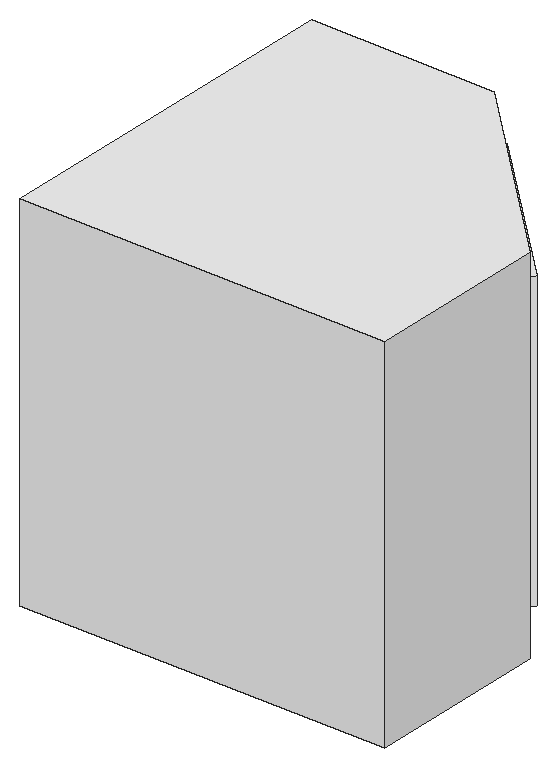
Revit family "02f5d41da15c41a4a571be47274ae5c9", category Casework, host Wall, Revit 2021
Family settings
  Host = Wall
  OmniClass Number = 23.40.35.17.47.11
  OmniClass Title = Kitchen Casework
  Seek Item ID = Upper Cabinet-Corner Unit-Wall-0000-USA-ENU
  Always vertical = Yes
  Cut with Voids When Loaded = No
  Shared = No
  Room Calculation Point = No
Parameters (values of type "12" Depth")
  Default Elevation = 0' - 0"
  Assembly Code = "C1030410"
  Cabinet Material = none
  Depth = 1' - 0"
  Door/Drawer Material = none
  Height = 2' - 0"
  Top of Cabinet = 7' - 0"
  Width = 0' - 0"
Reference planes (in)
  plane 1: y = 0
  plane 2: x = 10.17209
  plane 3: x = -1.82791
  plane 4: z = 60
  plane 5: z = 84
  plane 6: y = 15
  plane 7: y = 3
  plane 8: z = 72
  plane 9: y = 27
  plane 10: x = 22.17209
  plane 11: z = 81.75
Forms (in)
  Extrusion 1, solid, material <- "Cabinet Material"
    sketch origin (0, 0, 60) x (0, 1, 0) y (1, 0, 0)
      loop
        line (3, -1.82791) -> (27, -1.82791) -> (27, 10.17209) -> (26.25, 9.86143) -> (26.25, -1.07791) -> (3.75, -1.07791) -> (3.75, 21.42209) -> (14.68934, 21.42209) -> (15, 22.17209) -> (3, 22.17209) -> (3, -1.82791)
    from 0 to -24
  Extrusion 2, solid, material <- "Cabinet Material"
    sketch origin (0, 0, 60) x (0, 1, 0) y (1, 0, 0)
      loop
        line (3.75, -1.07791) -> (26.25, -1.07791) -> (26.25, 9.86143) -> (14.68934, 21.42209) -> (3.75, 21.42209) -> (3.75, -1.07791)
    from 0 to -1
  Extrusion 3, solid, material <- "Cabinet Material"
    sketch origin (0, 0, 84) x (0, 1, 0) y (1, 0, 0)
      loop
        line (26.25, 9.86143) -> (14.68934, 21.42209) -> (3.75, 21.42209) -> (3.75, -1.07791) -> (26.25, -1.07791) -> (26.25, 9.86143)
    from 0 to 1
  Extrusion 4, solid, material <- "Cabinet Material"
    sketch origin (0, 0, 60) x (0, 1, 0) y (1, 0, 0)
      loop
        line (26.25, 9.86143) -> (27, 10.17209) -> (15, 22.17209) -> (14.68934, 21.42209) -> (26.25, 9.86143)
    from 0 to -24
  Extrusion 5, void
    sketch origin (0, 0, 60) x (1, 0, 0) y (0, 1, 0)
      loop
        line (10.73275, 25.37868) -> (20.55077, 15.56066) -> (21.0811, 16.09099) -> (11.26308, 25.90901) -> (10.73275, 25.37868)
    from 2.25 to 21.75
  Extrusion 6, solid, material <- "Door/Drawer Material"
    sketch origin (0, 0, 60) x (0, 1, 0) y (1, 0, 0)
      loop
        line (25.55546, 10.90953) -> (26.26256, 11.61664) -> (16.44454, 21.43466) -> (15.73744, 20.72755) -> (25.55546, 10.90953)
    from -2.25 to -21.75
Cuts and joins
  Extrusion 5 cuts Extrusion 1
  Extrusion 5 cuts Extrusion 3
  Extrusion 5 cuts Extrusion 4
  joined: Extrusion 1, Extrusion 3, Extrusion 4
  Extrusion 5 cuts Extrusion 2
Lines and regions (in)
  symbolic lines, style "Plan Rep - Above"
    curve 1: line (-1.82791, 3, 60) -> (-1.82791, 27, 60)
    curve 2: line (-1.82791, 27, 60) -> (10.17209, 27, 60)
    curve 3: line (10.17209, 27, 60) -> (22.17209, 15, 60)
    curve 4: line (22.17209, 15, 60) -> (22.17209, 3, 60)
    curve 5: line (22.17209, 3, 60) -> (-1.82791, 3, 60)
Text (in)
  text "Placement Side" at (0, 40.15149, 123.01588), in view "Right"
  text "Placement Side" at (-56.47279, 40.41624, 0), in view "Floor Line"
  text "Placement Side" at (0, 47.49176, 112.89618), in view "Left"
Dimensions and locks (in)
  "Depth": plane 3 to plane 2
  "Height": plane 4 to plane 5
  equal spacing: plane 4, plane 8, plane 5
  "Depth": plane 6 to plane 7
  locked: plane 2 to plane 10 at 12
  locked: plane 6 to plane 9 at 12
  locked: plane 11 to plane 5 at 2.25
  "Top of Cabinet": level to plane 5
  aligned and locked: plane 7 to host wall
  aligned and locked: Extrusion 1 to plane 5
  aligned and locked: Extrusion 4 to plane 5
  aligned and locked: Extrusion 5 to plane 11
  aligned and locked: Extrusion 6 to plane 11
Automatic sketch dimensions
  Extrusion 1 sketch curve to host wall = 0' - 0"
  Extrusion 1 sketch curve to plane 6 = 0' - 0"
  Extrusion 1 sketch curve to plane 2 = 0' - 0"
  Extrusion 1 sketch curve to plane 9 = 0' - 0"
  Extrusion 1 sketch curve to plane 10 = 0' - 0"
  Extrusion 1 sketch curve to plane 3 = 0' - 0"
  host wall to Extrusion 1 sketch curve = 0' - 0 3/4"
  Extrusion 1 sketch curve to plane 6 = 0' - 0.31066"
  Extrusion 1 sketch curve to Extrusion 1 sketch curve = 0' - 0 3/4"
  plane 3 to Extrusion 1 sketch curve = 0' - 0 3/4"
  host wall to Extrusion 2 sketch curve = 0' - 0 3/4"
  Extrusion 2 sketch curve to plane 6 = 0' - 0.31066"
  Extrusion 2 sketch curve to plane 2 = 0' - 0.31066"
  plane 9 to Extrusion 2 sketch curve = 0' - 0 3/4"
  plane 10 to Extrusion 2 sketch curve = 0' - 0 3/4"
  plane 3 to Extrusion 2 sketch curve = 0' - 0 3/4"
  host wall to Extrusion 3 sketch curve = 0' - 0 3/4"
  Extrusion 3 sketch curve to plane 6 = 0' - 0.31066"
  plane 3 to Extrusion 3 sketch curve = 0' - 0 3/4"
  plane 9 to Extrusion 3 sketch curve = 0' - 0 3/4"
  Extrusion 3 sketch curve to plane 2 = 0' - 0.31066"
  plane 10 to Extrusion 3 sketch curve = 0' - 0 3/4"
  plane 10 to Extrusion 1 sketch curve = 0' - 0 3/4"
  Extrusion 1 sketch curve to plane 2 = 0' - 0.31066"
  Extrusion 4 sketch curve to plane 6 = 0' - 0"
  Extrusion 4 sketch curve to plane 2 = 0' - 0"
  Extrusion 4 sketch curve to plane 9 = 0' - 0"
  Extrusion 4 sketch curve to plane 10 = 0' - 0"
  Extrusion 4 sketch curve to plane 6 = 0' - 0.31066"
  Extrusion 4 sketch curve to plane 2 = 0' - 0.31066"
  plane 9 to Extrusion 4 sketch curve = 0' - 0 3/4"
  plane 10 to Extrusion 4 sketch curve = 0' - 0 3/4"
  curve 5 to plane 3 = 0' - 0"
  curve 2 to plane 2 = 0' - 0"
  curve 4 to plane 10 = 0' - 0"
  curve 1 to host wall = 0' - 0"
  curve 3 to plane 6 = 0' - 0"
  curve 2 to plane 9 = 0' - 0"
  plane 2 to Extrusion 5 sketch curve = 0' - 0.56066"
  plane 9 to Extrusion 5 sketch curve = 0' - 1.09099"
  plane 2 to Extrusion 5 sketch curve = 0' - 1.09099"
  plane 6 to Extrusion 5 sketch curve = 0' - 0.56066"
  plane 10 to Extrusion 5 sketch curve = 0' - 1.62132"
  plane 6 to Extrusion 6 sketch curve = 0' - 0.73744"
  plane 10 to Extrusion 6 sketch curve = 0' - 0.73744"
  Extrusion 6 sketch curve to Extrusion 6 sketch curve = 0' - 0.70711"  (x2)
  plane 9 to Extrusion 6 sketch curve = 0' - 1.44454"
